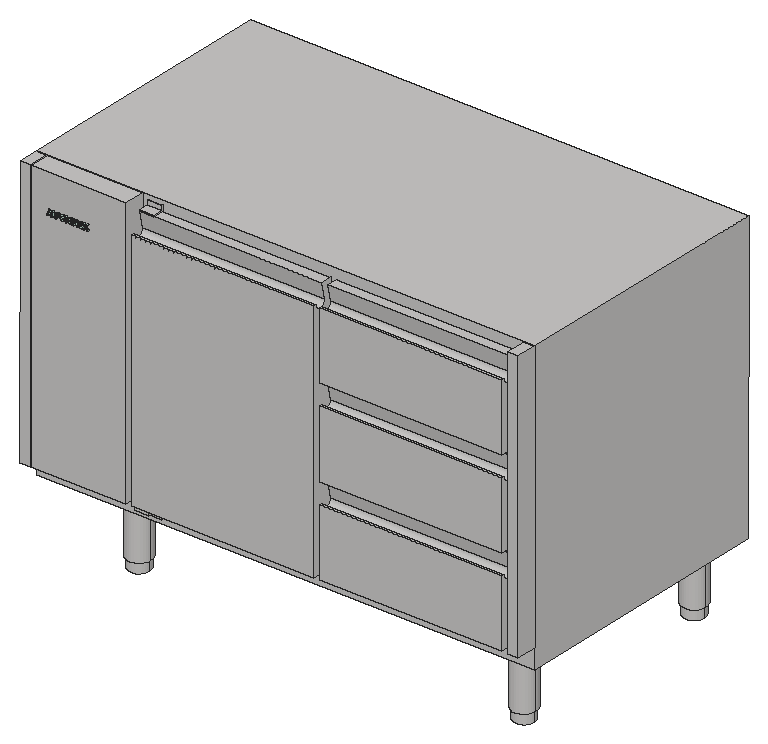
Revit family "QF_ALPENINOX_713346_AHR2RL", category Specialty Equipment, Revit 2014
Parameters
  Manufacturer = ""
  Model = ""
  Description = ""
Reference planes
  plane 1: z = 0
  plane 2 "Center (Left/Right)": x = -124.5
  plane 3 "Center (Front/Back)": y = 64.5
  plane 4 "FEET": z = 150
  plane 5 "TOP": z = 900
  plane 6 "PLAIN": z = 850
  plane 7 "EI_back": y = -116
  plane 8 "EI_left": x = -598
  plane 9 "BACK": y = 412
  plane 10 "FRONT": y = -283
  plane 11 "DOOR": y = -233
  plane 12 "LEFT": x = -726
  plane 13 "RIGHT": x = 477
  plane 14: x = -701
  plane 15: x = 452
  plane 16 "RO_left": x = -645
  plane 17 "RI_left": x = -620
  plane 18 "RO_back": y = 39
  plane 19 "RI_back": y = 39
  plane 20 "DRAINleft": x = -660
  plane 21 "DRAINback": y = 164
Forms (mm)
  Extrusion 1, solid, material "QF_Finishes_Stainless Steel"
    sketch origin (-1022.223, -1524, 150) x (-1, 0, 0) y (0, -1, 0)
      loop
        circle (-424.223, -1408) r 5
    from 0 to -40
  Extrusion 2, solid, material "QF_Finishes_Stainless Steel"
    sketch origin (-1022.223, -1524, 150) x (-1, 0, 0) y (0, -1, 0)
      loop
        line (-1474.223, -1291) -> (-1474.223, -1241) -> (-1499.223, -1241) -> (-1499.223, -1291) -> (-1474.223, -1291)
    from 48 to 700
  Extrusion 3, solid, material "QF_Finishes_Stainless Steel"
    sketch origin (-1022.223, -1524, 150) x (-1, 0, 0) y (0, -1, 0)
      loop
        circle (-377.223, -1563) r 4.25
    from 0 to -20
  Extrusion 4, solid, material "QF_Finishes_Stainless Steel"
    sketch origin (-1022.223, -1524, 150) x (-1, 0, 0) y (0, -1, 0)
      loop
        circle (-402.223, -1563) r 4
    from 0 to -20
  Extrusion 5, solid, material "QF_Finishes_Stainless Steel"
    sketch origin (-1022.223, -1524, 150) x (-1, 0, 0) y (0, -1, 0)
      loop
        circle (-362.223, -1688) r 8.5
    from 0 to -40
  Extrusion 6, solid, material "QF_Finishes_Stainless Steel"
    sketch origin (-1022.223, -1524, 150) x (-1, 0, 0) y (0, -1, 0)
      loop
        line (-296.223, -1936) -> (-296.223, -1291) -> (-1499.223, -1291) -> (-1499.223, -1936) -> (-296.223, -1936)
    from 0 to 700
  Extrusion 7, solid, material "QF_Finishes_Stainless Steel"
    sketch origin (773.223, -1524, 150) x (1, 0, 0) y (0, 1, 0)
      loop
        line (-1474.223, 1291) -> (-1499.223, 1291) -> (-1499.223, 1241) -> (-1474.223, 1241) -> (-1474.223, 1291)
    from 48 to 700
Lines and regions (mm)
  symbolic lines, style "SpecialityEquipmentHiddenLines"
    curve 1: line (-726, 412, 150) -> (477, 412, 150)
    curve 2: line (-726, -283, 150) -> (-726, 412, 150)
    curve 3: line (477, -283, 150) -> (-726, -283, 150)
    curve 4: line (477, 412, 150) -> (477, -283, 150)
    curve 5: line (-726, -233, 150) -> (477, -233, 150)
    curve 6: line (452, -233, 150) -> (452, -283, 150)
    curve 7: line (-701, -233, 150) -> (-701, -283, 150)
Dimensions and locks
  plane 4 "FEET" to level = 150 mm
  plane 11 "DOOR" to plane 10 "FRONT" = 50 mm
  plane 6 "PLAIN" to plane 4 "FEET" = 700 mm
  plane 5 "TOP" to plane 6 "PLAIN" = 50 mm
  plane 12 "LEFT" to plane 14 = 25 mm
  plane 15 to plane 13 "RIGHT" = 25 mm
  plane 9 "BACK" to plane 18 "RO_back" = 373 mm
  plane 9 "BACK" to plane 7 "EI_back" = 528 mm
  plane 9 "BACK" to plane 19 "RI_back" = 373 mm
  plane 9 "BACK" to plane 21 "DRAINback" = 248 mm
  plane 12 "LEFT" to plane 20 "DRAINleft" = 66 mm
  plane 12 "LEFT" to plane 8 "EI_left" = 128 mm
  plane 12 "LEFT" to plane 17 "RI_left" = 106 mm
  plane 12 "LEFT" to plane 16 "RO_left" = 81 mm
  plane 9 "BACK" to plane 10 "FRONT" = 695 mm
  equal spacing: plane 9 "BACK", plane 3 "Center (Front/Back)", plane 10 "FRONT"
  plane 12 "LEFT" to plane 13 "RIGHT" = 1203 mm
  equal spacing: plane 12 "LEFT", plane 2 "Center (Left/Right)", plane 13 "RIGHT"
  aligned and locked: level to plane 1
Automatic sketch dimensions
  Extrusion 1 sketch curve to plane 7 "EI_back" = 0 mm
  Extrusion 1 sketch curve to plane 8 "EI_left" = 0 mm
  Extrusion 2 sketch curve to plane 11 "DOOR" = 0 mm
  Extrusion 2 sketch curve to plane 13 "RIGHT" = 0 mm
  Extrusion 2 sketch curve to plane 10 "FRONT" = 0 mm
  Extrusion 2 sketch curve to plane 15 = 0 mm
  Extrusion 3 sketch curve to plane 16 "RO_left" = 0 mm
  Extrusion 3 sketch curve to plane 18 "RO_back" = 0 mm
  Extrusion 5 sketch curve to plane 20 "DRAINleft" = 0 mm
  Extrusion 5 sketch curve to plane 21 "DRAINback" = 0 mm
  Extrusion 6 sketch curve to plane 9 "BACK" = 0 mm
  Extrusion 6 sketch curve to plane 13 "RIGHT" = 0 mm
  Extrusion 6 sketch curve to plane 11 "DOOR" = 0 mm
  Extrusion 6 sketch curve to plane 12 "LEFT" = 0 mm
  curve 4 to plane 10 "FRONT" = 0 mm
  curve 4 to plane 13 "RIGHT" = 0 mm
  curve 6 to plane 11 "DOOR" = 0 mm
  curve 6 to plane 15 = 0 mm
  curve 7 to plane 14 = 0 mm
  curve 3 to plane 12 "LEFT" = 0 mm
  curve 1 to plane 9 "BACK" = 0 mm
  Extrusion 7 sketch curve to plane 11 "DOOR" = 0 mm
  Extrusion 7 sketch curve to plane 12 "LEFT" = 0 mm
  Extrusion 7 sketch curve to plane 10 "FRONT" = 0 mm
  Extrusion 7 sketch curve to plane 14 = 0 mm
  Extrusion 4 sketch curve to plane 17 "RI_left" = 0 mm
  Extrusion 4 sketch curve to plane 19 "RI_back" = 0 mm
  radius of Extrusion 1 sketch curve = 5 mm
  radius of Extrusion 3 sketch curve = 4.25 mm
  radius of Extrusion 5 sketch curve = 8.5 mm
  radius of Extrusion 4 sketch curve = 4 mm
Nested families
  nested 1: "HPP_Refrigerator" at (477, -283, 0), type "HPP_Refrigerator"
  nested 2: "HPP_FEET" at (-519, 331, 0), type "HPP_FEET"
  nested 3: "HPP_FEET" at (411, 331, 0), type "HPP_FEET"
  nested 4: "HPP_FEET" at (-519, -183, 0), type "HPP_FEET"
  nested 5: "HPP_FEET" at (411, -183, 0), type "HPP_FEET"
  nested 6: "HPP_APX_REM_TN_L" at (-506.58, -233, 598) x (1, 0, 0) z (0, -1, 0), type "HPP_APX_REM_TN_L"
    with Show Logo yes
  nested 7: "HPP_APX_SD_L" at (-236, -233, 512) x (1, 0, 0) z (0, -1, 0), type "HPP_APX_SD_L"
    with Show Clearance yes
  nested 8: "HPP_APX_THIRD" at (218, -233, 512) x (1, 0, 0) z (0, -1, 0), type "HPP_APX_THIRD"
    with Show Clearance yes
Connectors
  electrical at (-598, -116, 110)
    settings: on Extrusion 1, index 1, voltage 0 V, apparent load 0 VA, apparent load phase1 0 VA, apparent load phase2 0 VA, apparent load phase3 0 VA, power factor 1, load classification "Other", number of poles 1, system type 31, power factor state 1, is connector primary yes, connector utility no, sub classification motor no, connector description "Electrical Connection"
  piping at (-645, 39, 130), diameter 9.5
    settings: on Extrusion 3, index 3, connector inside diameter 609.6 mm, connector length 0 mm, flow factor 0, pipe flow 0.0 L/s, pressure drop 0.0 Pa, fitting loss kfactor 0, connector angle 0.00°, fixture units 0, engagement length 0 mm, angle of deflection 0.00°, flow configuration 1, flow direction 2, fitting loss method 0, system type 8, joint type 0, gender type 0, connector reference index -1, connector utility 0, adjustable connector no, is connector primary yes, connector description "Refrigerant Outlet"
  piping at (-620, 39, 130), diameter 8
    settings: on Extrusion 4, index 4, connector inside diameter 609.6 mm, connector length 0 mm, flow factor 0, pipe flow 0.0 L/s, pressure drop 0.0 Pa, fitting loss kfactor 0, connector angle 0.00°, fixture units 0, engagement length 0 mm, angle of deflection 0.00°, flow configuration 1, flow direction 1, fitting loss method 0, system type 7, joint type 0, gender type 0, connector reference index -1, connector utility 0, adjustable connector no, is connector primary no, connector description "Refrigerant Inlet"
  piping at (-660, 164, 110), diameter 17
    settings: on Extrusion 5, index 5, connector inside diameter 609.6 mm, connector length 0 mm, flow factor 0, pipe flow 0.0 L/s, pressure drop 0.0 Pa, fitting loss kfactor 0, connector angle 0.00°, fixture units 0, engagement length 0 mm, angle of deflection 0.00°, flow configuration 1, flow direction 2, fitting loss method 0, system type 16, joint type 0, gender type 0, connector reference index -1, connector utility 0, adjustable connector no, is connector primary no, connector description "Drain"
Definition of nested family "HPP_FEET"
  Parameters (values of type "HPP_FEET")
    FEET = 150 mm
  Reference planes
    plane 1 "Center (Front/Back)": y = 0
    plane 2: z = 0
    plane 3 "Center (Left/Right)": x = 0
    plane 4: z = 150
  Forms (mm)
    Revolve 1, solid, material "QF_Finishes_Stainless Steel"
      sketch origin (255.05, 0, 608.09) x (0, 0, 1) y (-1, 0, 0)
        loop
          line (-608.09, 255.05) -> (-608.09, 230.05) -> (-583.09, 230.05) -> (-583.09, 226.05) -> (-458.09, 226.05) -> (-458.09, 255.05) -> (-608.09, 255.05)
        axis (-608.09, 255.05) -> (-458.09, 255.05)
      angle from 0 to 360
  Dimensions and locks
    locked: Revolve 1 sketch curve to Revolve 1 sketch curve at 125
    "FEET": plane 4 to plane 2
    aligned and locked: level to plane 2
    aligned and locked: plane 4 to Revolve 1 sketch curve
    aligned and locked: Revolve 1 sketch curve to level
    aligned and locked: plane 3 "Center (Left/Right)" to Revolve 1 sketch curve
  Automatic sketch dimensions
    Revolve 1 sketch curve to plane 3 "Center (Left/Right)" = 0 mm
    Revolve 1 sketch curve to Revolve 1 sketch curve = 25 mm
    Revolve 1 sketch curve to Revolve 1 sketch curve = 29 mm
    plane 4 to Revolve 1 sketch curve = 50 mm
    Revolve 1 sketch curve to Revolve 1 sketch curve = 20 mm
Definition of nested family "HPP_APX_REM_TN_L"
  Parameters (values of type "HPP_APX_REM_TN_L")
    Show Logo [instance] = yes
    Default Elevation = 1219.2 mm
  Reference planes
    plane 1 "Center (Front/Back)": y = -74
    plane 2: z = 0
    plane 3 "Center (Left/Right)": x = -78.92
    plane 4: x = -194.42
    plane 5: x = 36.58
    plane 6: y = 252
    plane 7: y = -400
  Forms (mm)
    Extrusion 1, solid
      sketch origin (0, 0, 0) x (1, 0, 0) y (0, 1, 0)
        loop
          line (-1219.2, 1219.2) -> (-1219.2, -1219.2) -> (1219.2, -1219.2) -> (1219.2, 1219.2) -> (-1219.2, 1219.2)
      from 0 to -304.8
    Extrusion 2, solid, material "QF_Finishes_Stainless Steel"
      sketch origin (0, 0, 0) x (1, 0, 0) y (0, 1, 0)
        loop
          line (-194.42, 252) -> (-194.42, -400) -> (36.58, -400) -> (36.58, 252) -> (-194.42, 252)
      from 0 to 50
    Extrusion 3, solid, material "QF_Finishes_Alpeninox_Soft Green"
      sketch origin (18.272, 0.892, 0) x (1, 0, 0) y (0, 1, 0)
        loop
          line (-168.675, 170.349) -> (-172.411, 160.318)
          arc (-172.411, 160.318) -> (-171.624, 158.497) -> (-169.837, 159.36) r 1.374
          line (-169.837, 159.36) -> (-169.268, 161.111) -> (-164.1, 161.111) -> (-163.54, 159.379)
          arc (-163.54, 159.379) -> (-161.802, 158.542) -> (-161.049, 160.318) r 1.333
          line (-161.049, 160.318) -> (-164.694, 170.349)
          arc (-164.694, 170.349) -> (-166.685, 171.876) -> (-168.675, 170.349) r 2.06
        loop
          line (-166.681, 169.055) -> (-168.469, 163.655) -> (-164.935, 163.655) -> (-166.681, 169.055)
        loop
          arc (-159.705, 160.042) -> (-159.262, 158.973) -> (-158.194, 158.531) r 1.512
          line (-158.194, 158.531) -> (-153.608, 158.531)
          arc (-153.608, 158.531) -> (-152.337, 159.802) -> (-153.608, 161.074) r 1.272
          line (-153.608, 161.074) -> (-156.917, 161.074) -> (-156.917, 170.328)
          arc (-156.917, 170.328) -> (-158.311, 171.722) -> (-159.705, 170.328) r 1.394
          line (-159.705, 170.328) -> (-159.705, 160.042)
        loop
          line (-151.076, 170.218) -> (-151.076, 159.859)
          arc (-151.076, 159.859) -> (-149.683, 158.466) -> (-148.29, 159.859) r 1.393
          line (-148.29, 159.859) -> (-148.29, 162.882) -> (-146.225, 162.882)
          arc (-146.225, 162.882) -> (-142.999, 163.859) -> (-141.608, 166.928) r 4.082
          arc (-141.608, 166.928) -> (-142.993, 170.272) -> (-146.336, 171.657) r 4.728
          line (-146.336, 171.657) -> (-149.638, 171.657)
          arc (-149.638, 171.657) -> (-150.655, 171.235) -> (-151.076, 170.218) r 1.439
        loop
          line (-148.29, 165.313) -> (-146.388, 165.313)
          arc (-146.388, 165.313) -> (-144.433, 167.268) -> (-146.388, 169.222) r 1.955
          line (-146.388, 169.222) -> (-148.29, 169.222) -> (-148.29, 165.313)
        loop
          arc (-131.184, 166.332) -> (-132.004, 168.2) -> (-133.767, 169.228) r 3.3
          arc (-133.767, 169.228) -> (-136.353, 168.661) -> (-137.611, 166.332) r 3.176
          line (-137.611, 166.332) -> (-131.184, 166.332)
        loop
          line (-137.538, 163.743) -> (-130.544, 163.743)
          arc (-130.544, 163.743) -> (-129.292, 163.916) -> (-128.301, 164.701) r 2.4
          arc (-128.301, 164.701) -> (-128.155, 165.545) -> (-128.212, 166.399) r 3.635
          arc (-128.212, 166.399) -> (-130.364, 170.162) -> (-134.39, 171.769) r 6.579
          arc (-134.39, 171.769) -> (-138.918, 169.706) -> (-140.661, 165.044) r 6.501
          arc (-140.661, 165.044) -> (-139.276, 160.789) -> (-135.401, 158.549) r 6.252
          arc (-135.401, 158.549) -> (-132.922, 158.526) -> (-130.544, 159.232) r 8.361
          arc (-130.544, 159.232) -> (-129.466, 159.781) -> (-128.641, 160.666) r 3.486
          arc (-128.641, 160.666) -> (-128.419, 161.592) -> (-128.828, 162.451) r 1.425
          arc (-128.828, 162.451) -> (-129.368, 162.762) -> (-129.99, 162.762) r 1.203
          arc (-129.99, 162.762) -> (-130.406, 162.59) -> (-130.764, 162.316) r 1.724
          arc (-130.764, 162.316) -> (-131.666, 161.705) -> (-132.646, 161.229) r 7.6
          arc (-132.646, 161.229) -> (-135.676, 161.35) -> (-137.538, 163.743) r 3.6
        loop
          line (-126.669, 170.328) -> (-126.669, 159.859)
          arc (-126.669, 159.859) -> (-125.273, 158.463) -> (-123.878, 159.859) r 1.396
          line (-123.878, 159.859) -> (-123.878, 166.785) -> (-117.946, 159.029)
          arc (-117.946, 159.029) -> (-116.361, 158.51) -> (-115.379, 159.859) r 1.417
          line (-115.379, 159.859) -> (-115.379, 170.328)
          arc (-115.379, 170.328) -> (-116.774, 171.723) -> (-118.169, 170.328) r 1.395
          line (-118.169, 170.328) -> (-118.169, 163.311) -> (-124.101, 171.157)
          arc (-124.101, 171.157) -> (-125.687, 171.678) -> (-126.669, 170.328) r 1.418
        loop
          arc (-113.636, 159.859) -> (-112.241, 158.464) -> (-110.847, 159.859) r 1.394
          line (-110.847, 159.859) -> (-110.847, 170.328)
          arc (-110.847, 170.328) -> (-112.241, 171.723) -> (-113.636, 170.328) r 1.394
          line (-113.636, 170.328) -> (-113.636, 159.859)
        loop
          line (-109.102, 170.328) -> (-109.102, 159.859)
          arc (-109.102, 159.859) -> (-107.706, 158.463) -> (-106.31, 159.859) r 1.396
          line (-106.31, 159.859) -> (-106.31, 166.785) -> (-100.378, 159.029)
          arc (-100.378, 159.029) -> (-98.793, 158.51) -> (-97.812, 159.859) r 1.417
          line (-97.812, 159.859) -> (-97.812, 170.328)
          arc (-97.812, 170.328) -> (-99.207, 171.723) -> (-100.602, 170.328) r 1.395
          line (-100.602, 170.328) -> (-100.602, 163.311) -> (-106.533, 171.157)
          arc (-106.533, 171.157) -> (-108.119, 171.678) -> (-109.102, 170.328) r 1.418
        loop
          arc (-96.345, 165.093) -> (-95.619, 161.877) -> (-93.467, 159.379) r 6.806
          arc (-93.467, 159.379) -> (-91.792, 158.566) -> (-89.948, 158.31) r 5.956
          arc (-89.948, 158.31) -> (-88.104, 158.566) -> (-86.43, 159.379) r 5.956
          arc (-86.43, 159.379) -> (-84.277, 161.877) -> (-83.551, 165.093) r 6.806
          arc (-83.551, 165.093) -> (-84.277, 168.31) -> (-86.43, 170.808) r 6.806
          arc (-86.43, 170.808) -> (-88.104, 171.621) -> (-89.948, 171.877) r 5.956
          arc (-89.948, 171.877) -> (-91.792, 171.621) -> (-93.467, 170.808) r 5.956
          arc (-93.467, 170.808) -> (-95.619, 168.31) -> (-96.345, 165.093) r 6.806
        loop
          arc (-93.425, 165.093) -> (-93.138, 163.212) -> (-92.081, 161.629) r 4.387
          arc (-92.081, 161.629) -> (-91.087, 161.049) -> (-89.948, 160.881) r 3.035
          arc (-89.948, 160.881) -> (-88.809, 161.049) -> (-87.815, 161.629) r 3.035
          arc (-87.815, 161.629) -> (-86.759, 163.212) -> (-86.472, 165.093) r 4.387
          arc (-86.472, 165.093) -> (-86.759, 166.975) -> (-87.815, 168.558) r 4.387
          arc (-87.815, 168.558) -> (-88.809, 169.138) -> (-89.948, 169.306) r 3.035
          arc (-89.948, 169.306) -> (-91.087, 169.138) -> (-92.081, 168.558) r 3.035
          arc (-92.081, 168.558) -> (-93.138, 166.975) -> (-93.425, 165.093) r 4.387
        loop
          line (-82.843, 169.609) -> (-79.829, 165.552) -> (-83.513, 160.652)
          arc (-83.513, 160.652) -> (-83.216, 158.692) -> (-81.262, 159.029) r 1.388
          line (-81.262, 159.029) -> (-78.213, 163.232) -> (-75.164, 159.029)
          arc (-75.164, 159.029) -> (-73.211, 158.692) -> (-72.913, 160.652) r 1.388
          line (-72.913, 160.652) -> (-76.597, 165.552) -> (-73.584, 169.609)
          arc (-73.584, 169.609) -> (-73.952, 171.597) -> (-75.908, 171.084) r 1.38
          line (-75.908, 171.084) -> (-78.213, 167.841) -> (-80.519, 171.084)
          arc (-80.519, 171.084) -> (-82.474, 171.597) -> (-82.843, 169.609) r 1.38
      from 50 to 51.6
  Lines and regions (mm)
    Split face 1
      outline origin (0, 0, 50) x (1, 0, 0) y (0, 1, 0)
        loop
          line (36.58, 183) -> (-147.92, 183)
          arc (-147.92, 183) -> (-165.42, 165.5) -> (-147.92, 148) r 17.5
          line (-147.92, 148) -> (36.58, 148)
    Split face 2
      outline origin (12.5, 0, 50) x (1, 0, 0) y (0, 1, 0)
        loop
          line (-55.92, 177) -> (-55.92, 154) -> (14.08, 154) -> (14.08, 177) -> (-55.92, 177)
    Split face 3
      outline origin (12.5, 0, 50) x (1, 0, 0) y (0, 1, 0)
        loop
          line (-5.92, 174) -> (-5.92, 157) -> (11.08, 157) -> (11.08, 174) -> (-5.92, 174)
    Split face 4
      outline origin (0, 0, 50) x (1, 0, 0) y (0, 1, 0)
        loop
          line (-194.42, 188) -> (36.58, 188)
        loop
          line (-194.42, 143) -> (36.58, 143)
    symbolic lines, style "SpecialityEquipmentHiddenLines"
      curve 1: line (36.58, -74, 50) -> (36.58, -74, 0)
      curve 2: line (-194.42, -74, 50) -> (-194.42, -74, 0)
  Dimensions and locks
    equal spacing: plane 6, plane 1 "Center (Front/Back)", plane 7
    plane 4 to plane 5 = 231 mm
    equal spacing: plane 4, plane 3 "Center (Left/Right)", plane 5
    plane 6 to plane 7 = 652 mm
    aligned and locked: plane 2 to Extrusion 1
    aligned and locked: level to Extrusion 1
  Automatic sketch dimensions
    Extrusion 1 sketch curve to Extrusion 1 sketch curve = 2438.4 mm  (x2)
    Extrusion 2 sketch curve to plane 4 = 0 mm
    Extrusion 2 sketch curve to plane 5 = 0 mm
    Extrusion 2 sketch curve to plane 7 = 0 mm
    Extrusion 2 sketch curve to plane 6 = 0 mm
    Split face 1 sketch curve to Extrusion 2 = 0 mm  (x2)
    Split face 1 sketch curve to Extrusion 2 = 46.5 mm
    Split face 1 sketch curve to Extrusion 2 = 86.5 mm
    Split face 1 sketch curve to Split face 1 sketch curve = 17.5 mm
    Split face 2 sketch curve to Extrusion 2 = 80 mm
    Split face 2 sketch curve to Extrusion 2 = 10 mm
    Split face 2 sketch curve to Extrusion 2 = 98 mm
    Split face 2 sketch curve to Split face 2 sketch curve = 23 mm
    Split face 3 sketch curve to Extrusion 2 = 30 mm
    Split face 3 sketch curve to Split face 3 sketch curve = 17 mm  (x2)
    Split face 3 sketch curve to Extrusion 2 = 95 mm
    plane 4 to Extrusion 3 sketch curve = 40.282 mm
    Extrusion 3 sketch curve to Extrusion 3 sketch curve = 1.266 mm
    Extrusion 3 sketch curve to Extrusion 3 sketch curve = 1.307 mm
    Extrusion 3 sketch curve to Extrusion 3 sketch curve = 0.57 mm
    Extrusion 3 sketch curve to Extrusion 3 sketch curve = 0.593 mm
    Extrusion 3 sketch curve to Extrusion 3 sketch curve = 0.799 mm
    Extrusion 3 sketch curve to Extrusion 3 sketch curve = 1.99 mm  (x2)
    Extrusion 3 sketch curve to Extrusion 3 sketch curve = 0.003 mm
    Extrusion 3 sketch curve to Extrusion 3 sketch curve = 3.534 mm
    Extrusion 3 sketch curve to Extrusion 3 sketch curve = 0.835 mm
    Extrusion 3 sketch curve to Extrusion 3 sketch curve = 0.56 mm
    Extrusion 3 sketch curve to Extrusion 3 sketch curve = 1.268 mm
    Extrusion 3 sketch curve to Extrusion 3 sketch curve = 1.223 mm
    Extrusion 3 sketch curve to Extrusion 3 sketch curve = 1.344 mm
    Extrusion 3 sketch curve to Extrusion 3 sketch curve = 1.394 mm  (x2)
    Extrusion 3 sketch curve to Extrusion 3 sketch curve = 1.512 mm
    Extrusion 3 sketch curve to Extrusion 3 sketch curve = 3.309 mm
    Extrusion 3 sketch curve to Extrusion 3 sketch curve = 5.841 mm
    Extrusion 3 sketch curve to Extrusion 3 sketch curve = 1.393 mm
    Extrusion 3 sketch curve to Extrusion 3 sketch curve = 1.439 mm
    Extrusion 3 sketch curve to Extrusion 3 sketch curve = 0 mm  (x18)
    Extrusion 3 sketch curve to Extrusion 3 sketch curve = 1.902 mm
    Extrusion 3 sketch curve to Extrusion 3 sketch curve = 0.052 mm
    Extrusion 3 sketch curve to Extrusion 3 sketch curve = 2.065 mm
    Extrusion 3 sketch curve to Extrusion 3 sketch curve = 0.647 mm
    Extrusion 3 sketch curve to Extrusion 3 sketch curve = 8.079 mm
    Extrusion 3 sketch curve to Extrusion 3 sketch curve = 0.073 mm
    Extrusion 3 sketch curve to Extrusion 3 sketch curve = 2.145 mm
    Extrusion 3 sketch curve to Extrusion 3 sketch curve = 2.931 mm
    Extrusion 3 sketch curve to Extrusion 3 sketch curve = 0.213 mm
    Extrusion 3 sketch curve to Extrusion 3 sketch curve = 0.026 mm
    Extrusion 3 sketch curve to Extrusion 3 sketch curve = 0.263 mm
    Extrusion 3 sketch curve to Extrusion 3 sketch curve = 0.516 mm
    Extrusion 3 sketch curve to Extrusion 3 sketch curve = 0.356 mm
    Extrusion 3 sketch curve to Extrusion 3 sketch curve = 0.387 mm
    Extrusion 3 sketch curve to Extrusion 3 sketch curve = 2.378 mm
    Extrusion 3 sketch curve to Extrusion 3 sketch curve = 2.466 mm
    Extrusion 3 sketch curve to Extrusion 3 sketch curve = 0.602 mm
    Extrusion 3 sketch curve to Extrusion 3 sketch curve = 1.02 mm
    Extrusion 3 sketch curve to Extrusion 3 sketch curve = 0.949 mm
    Extrusion 3 sketch curve to Extrusion 3 sketch curve = 1.728 mm
    Extrusion 3 sketch curve to Extrusion 3 sketch curve = 0.157 mm  (x2)
    Extrusion 3 sketch curve to Extrusion 3 sketch curve = 0.292 mm
    Extrusion 3 sketch curve to Extrusion 3 sketch curve = 3.565 mm
    Extrusion 3 sketch curve to Extrusion 3 sketch curve = 1.396 mm  (x2)
    Extrusion 3 sketch curve to Extrusion 3 sketch curve = 1.418 mm  (x2)
    Extrusion 3 sketch curve to Extrusion 3 sketch curve = 1.151 mm  (x2)
    Extrusion 3 sketch curve to Extrusion 3 sketch curve = 5.709 mm  (x2)
    Extrusion 3 sketch curve to Extrusion 3 sketch curve = 0.224 mm  (x2)
    Extrusion 3 sketch curve to Extrusion 3 sketch curve = 1.149 mm  (x2)
    Extrusion 3 sketch curve to Extrusion 3 sketch curve = 1.395 mm  (x2)
    Extrusion 3 sketch curve to Extrusion 3 sketch curve = 1.744 mm
    Extrusion 3 sketch curve to Extrusion 3 sketch curve = 1.745 mm
    plane 3 "Center (Left/Right)" to Extrusion 3 sketch curve = 6.343 mm
    Extrusion 3 sketch curve to Extrusion 3 sketch curve = 0.493 mm  (x3)
    Extrusion 3 sketch curve to Extrusion 3 sketch curve = 0.273 mm  (x2)
    Extrusion 3 sketch curve to Extrusion 3 sketch curve = 0.021 mm  (x2)
    Extrusion 3 sketch curve to Extrusion 3 sketch curve = 0.226 mm  (x2)
    Extrusion 3 sketch curve to Extrusion 3 sketch curve = 0.268 mm  (x2)
    Extrusion 3 sketch curve to Extrusion 3 sketch curve = 0.294 mm
    Extrusion 3 sketch curve to Extrusion 3 sketch curve = 5.534 mm
    Extrusion 3 sketch curve to Extrusion 3 sketch curve = 6.205 mm
    Extrusion 3 sketch curve to Extrusion 3 sketch curve = 1.109 mm  (x2)
    Extrusion 3 sketch curve to Extrusion 3 sketch curve = 1.108 mm  (x2)
    Extrusion 3 sketch curve to Extrusion 3 sketch curve = 1.142 mm  (x2)
    Extrusion 3 sketch curve to Extrusion 3 sketch curve = 1.216 mm  (x2)
    Extrusion 3 sketch curve to Extrusion 3 sketch curve = 3.013 mm
    Extrusion 3 sketch curve to Extrusion 3 sketch curve = 1.616 mm  (x3)
    Extrusion 3 sketch curve to Extrusion 3 sketch curve = 2.305 mm
    Extrusion 3 sketch curve to Extrusion 3 sketch curve = 3.049 mm
    Extrusion 3 sketch curve to plane 6 = 92.577 mm
    Extrusion 3 sketch curve to Extrusion 3 sketch curve = 0.498 mm
    Extrusion 3 sketch curve to Extrusion 3 sketch curve = 0.682 mm
    Extrusion 3 sketch curve to Extrusion 3 sketch curve = 0.664 mm
    Extrusion 3 sketch curve to Extrusion 3 sketch curve = 0.425 mm
    Extrusion 3 sketch curve to Extrusion 3 sketch curve = 0.41 mm
    Extrusion 3 sketch curve to Extrusion 3 sketch curve = 1.272 mm
    Extrusion 3 sketch curve to Extrusion 3 sketch curve = 0.789 mm  (x2)
    Extrusion 3 sketch curve to Extrusion 3 sketch curve = 0.056 mm
    Extrusion 3 sketch curve to Extrusion 3 sketch curve = 0.83 mm
    Extrusion 3 sketch curve to Extrusion 3 sketch curve = 1.238 mm
    Extrusion 3 sketch curve to Extrusion 3 sketch curve = 1.732 mm
    Extrusion 3 sketch curve to Extrusion 3 sketch curve = 0.346 mm
    Extrusion 3 sketch curve to Extrusion 3 sketch curve = 1.123 mm
    Extrusion 3 sketch curve to Extrusion 3 sketch curve = 3.023 mm
    Extrusion 3 sketch curve to Extrusion 3 sketch curve = 4.203 mm
    Extrusion 3 sketch curve to Extrusion 3 sketch curve = 3.452 mm  (x2)
    Extrusion 3 sketch curve to Extrusion 3 sketch curve = 2.544 mm
    Extrusion 3 sketch curve to Extrusion 3 sketch curve = 1.177 mm
    Extrusion 3 sketch curve to Extrusion 3 sketch curve = 3.261 mm
    Extrusion 3 sketch curve to Extrusion 3 sketch curve = 0.352 mm  (x2)
    Extrusion 3 sketch curve to Extrusion 3 sketch curve = 1.987 mm
    Extrusion 3 sketch curve to Extrusion 3 sketch curve = 0.171 mm
    Extrusion 3 sketch curve to Extrusion 3 sketch curve = 0.533 mm  (x3)
    Extrusion 3 sketch curve to Extrusion 3 sketch curve = 0.14 mm  (x4)
    Extrusion 3 sketch curve to Extrusion 3 sketch curve = 0.473 mm
    Extrusion 3 sketch curve to Extrusion 3 sketch curve = 0.31 mm  (x2)
    Extrusion 3 sketch curve to Extrusion 3 sketch curve = 0.075 mm
    Extrusion 3 sketch curve to Extrusion 3 sketch curve = 2.431 mm
    Extrusion 3 sketch curve to Extrusion 3 sketch curve = 2.32 mm  (x2)
    Extrusion 3 sketch curve to Extrusion 3 sketch curve = 1.992 mm
    Extrusion 3 sketch curve to Extrusion 3 sketch curve = 0.674 mm
    Extrusion 3 sketch curve to Extrusion 3 sketch curve = 0.732 mm
    Extrusion 3 sketch curve to Extrusion 3 sketch curve = 0.388 mm
    Extrusion 3 sketch curve to Extrusion 3 sketch curve = 0.121 mm
    Extrusion 3 sketch curve to Extrusion 3 sketch curve = 2.589 mm
    Extrusion 3 sketch curve to Extrusion 3 sketch curve = 0.662 mm
    Extrusion 3 sketch curve to Extrusion 3 sketch curve = 3.473 mm
    Extrusion 3 sketch curve to Extrusion 3 sketch curve = 0.681 mm
    Extrusion 3 sketch curve to Extrusion 3 sketch curve = 1.615 mm
    Extrusion 3 sketch curve to Extrusion 3 sketch curve = 0.34 mm
    Extrusion 3 sketch curve to Extrusion 3 sketch curve = 2.288 mm
    Extrusion 3 sketch curve to Extrusion 3 sketch curve = 0.942 mm
    Extrusion 3 sketch curve to Extrusion 3 sketch curve = 5.4 mm
    Extrusion 3 sketch curve to Extrusion 3 sketch curve = 1.768 mm  (x2)
    Extrusion 3 sketch curve to Extrusion 3 sketch curve = 0.761 mm
    Extrusion 3 sketch curve to Extrusion 3 sketch curve = 0.996 mm
    Extrusion 3 sketch curve to Extrusion 3 sketch curve = 3.543 mm  (x2)
    Extrusion 3 sketch curve to Extrusion 3 sketch curve = 7.017 mm
    Extrusion 3 sketch curve to Extrusion 3 sketch curve = 0.11 mm
    Extrusion 3 sketch curve to Extrusion 3 sketch curve = 0.823 mm  (x2)
    Extrusion 3 sketch curve to Extrusion 3 sketch curve = 0.947 mm
    Extrusion 3 sketch curve to Extrusion 3 sketch curve = 3.837 mm
    Extrusion 3 sketch curve to Extrusion 3 sketch curve = 0.623 mm
    Extrusion 3 sketch curve to Extrusion 3 sketch curve = 1.082 mm
    Extrusion 3 sketch curve to Extrusion 3 sketch curve = 0.801 mm
    Extrusion 3 sketch curve to Extrusion 3 sketch curve = 1 mm
    Extrusion 3 sketch curve to Extrusion 3 sketch curve = 0.089 mm
    plane 3 "Center (Left/Right)" to Extrusion 3 sketch curve = 0.847 mm
    plane 3 "Center (Left/Right)" to Extrusion 3 sketch curve = 3.726 mm  (x2)
    plane 3 "Center (Left/Right)" to Extrusion 3 sketch curve = 3.767 mm
    plane 3 "Center (Left/Right)" to Extrusion 3 sketch curve = 5.111 mm  (x2)
    plane 3 "Center (Left/Right)" to Extrusion 3 sketch curve = 7.244 mm  (x4)
    Extrusion 3 sketch curve to Extrusion 3 sketch curve = 2.133 mm  (x2)
    Extrusion 3 sketch curve to Extrusion 3 sketch curve = 1.385 mm  (x2)
    Extrusion 3 sketch curve to Extrusion 3 sketch curve = 5.603 mm
    Extrusion 3 sketch curve to Extrusion 3 sketch curve = 2.571 mm
    Split face 4 sketch curve to Extrusion 2 = 0 mm  (x4)
    Split face 4 sketch curve to Extrusion 2 = 109 mm
    Split face 4 sketch curve to Split face 4 sketch curve = 45 mm
    curve 2 to plane 4 = 0 mm
    curve 1 to level = 0 mm
    curve 1 to plane 5 = 0 mm
    curve 2 to level = 0 mm
    level to curve 2 = 50 mm
    level to curve 1 = 50 mm
Definition of nested family "HPP_APX_SD_L"
  Parameters (values of type "HPP_APX_SD_L")
    Show Clearance [instance] = yes
    Default Elevation = 1219.2 mm
  Reference planes
    plane 1 "Center (Front/Back)": y = 0
    plane 2: z = 0
    plane 3 "Center (Left/Right)": x = 0
    plane 4: x = -234
    plane 5: x = 234
  Forms (mm)
    Extrusion 1, solid
      sketch origin (0, 0, 0) x (1, 0, 0) y (0, 1, 0)
        loop
          line (-1219.2, 1219.2) -> (-1219.2, -1219.2) -> (1219.2, -1219.2) -> (1219.2, 1219.2) -> (-1219.2, 1219.2)
      from 0 to -304.8
    Extrusion 2, solid, material "QF_Finishes_Stainless Steel"
      sketch origin (0, 0, -3) x (0, 1, 0) y (0, 0, 1)
        loop
          line (-314, 53) -> (-314, 3) -> (314, 3) -> (314, 29) -> (274.395, 20)
          arc (274.395, 20) -> (260.396, 33.803) -> (274, 47.994) r 14
          line (274, 47.994) -> (274, 53) -> (-314, 53)
      from -220 to 220
    Extrusion 3, solid, material "QF_Finishes_Stainless Steel"
      sketch origin (0, 0, 0) x (0, 1, 0) y (0, 0, -1)
        loop
          line (-323.003, -40.312) -> (-323.003, -12.259) -> (-323.003, 0) -> (-351.511, 0) -> (-351.511, -2.5) -> (-325.503, -2.5) -> (-325.503, -42.812) -> (-316.501, -42.812) -> (-316.501, -40.312) -> (-323.003, -40.312)
        loop
          line (-314, -38.311) -> (-314, -11.804) -> (-319.752, -11.804) -> (-319.752, -14.304) -> (-316.501, -14.304) -> (-316.501, -38.311) -> (-314, -38.311)
        loop
          line (315.003, -27.948) -> (317.503, -27.948) -> (317.503, -2.5) -> (327.503, -2.5) -> (327.503, 0) -> (315.003, 0) -> (315.003, -2.948) -> (315.003, -27.948)
      from 185 to 220
    Extrusion 4, solid, material "QF_Door-Drawer Clearances", visible <- "Show Clearance", detail levels coarse
      sketch origin (0, 0, -3) x (-1, 0, 0) y (0, 0, -1)
        loop
          line (220, -53) -> (-220, -53)
          arc (-220, -53) -> (-79.636, -340.04) -> (220, -451) r 430
          line (220, -451) -> (220, -53)
      from -314 to 314
  Lines and regions (mm)
    symbolic lines, style "QF_Door-Drawer Clearances"
      curve 1: arc (219.599, 0, 55) -> (95.934, 0, 321.503) -> (-170, 0, 446.39) r 430
      curve 2: line (-220, 0, 55) -> (-220, 0, 448)
      curve 3: line (-170, 0, 55) -> (-170, 0, 448)
      curve 4: line (-220, 0, 448) -> (-170, 0, 448)
  Dimensions and locks
    plane 4 to plane 3 "Center (Left/Right)" to plane 5 = 234 mm locked, 234 mm locked
    aligned and locked: plane 2 to Extrusion 1
    aligned and locked: level to Extrusion 1
Definition of nested family "HPP_APX_THIRD"
  Parameters (values of type "HPP_APX_THIRD")
    Show Clearance [instance] = yes
    Default Elevation = 1219.2 mm
  Reference planes
    plane 1 "Center (Front/Back)": y = 0
    plane 2: z = 0
    plane 3 "Center (Left/Right)": x = 0
    plane 4: x = -234
    plane 5: x = 234
    plane 6: z = 618
  Forms (mm)
    Extrusion 1, solid
      sketch origin (0, 0, 0) x (1, 0, 0) y (0, 1, 0)
        loop
          line (-1219.2, 1219.2) -> (-1219.2, -1219.2) -> (1219.2, -1219.2) -> (1219.2, 1219.2) -> (-1219.2, 1219.2)
      from 0 to -304.8
    Extrusion 2, solid, material "QF_Finishes_Stainless Steel"
      sketch origin (0, 0, 0) x (0, 1, 0) y (0, 0, 1)
        loop
          line (314, 0) -> (314, 26) -> (274.395, 17)
          arc (274.395, 17) -> (260.395, 31) -> (274.395, 45) r 14
          line (274.395, 45) -> (274.395, 50) -> (111.333, 50) -> (111.333, 0) -> (314, 0)
        loop
          line (-111.333, 0) -> (-111.333, 26) -> (-150.939, 17)
          arc (-150.939, 17) -> (-164.939, 31) -> (-150.939, 45) r 14
          line (-150.939, 45) -> (-150.939, 50) -> (-314, 50) -> (-314, 0) -> (-111.333, 0)
        loop
          line (101.333, 0) -> (101.333, 26) -> (61.728, 17)
          arc (61.728, 17) -> (47.728, 31) -> (61.728, 45) r 14
          line (61.728, 45) -> (61.728, 50) -> (-101.333, 50) -> (-101.333, 0) -> (101.333, 0)
      from -220 to 220
    Extrusion 3, solid, material "QF_Door-Drawer Clearances", visible <- "Show Clearance", detail levels coarse
      sketch origin (0, 0, 512) x (0, 1, 0) y (0, 0, 1)
        loop
          line (-314, 106) -> (-314, -462) -> (-111.333, -462) -> (-111.333, 82) -> (-150.939, 73)
          arc (-150.939, 73) -> (-164.939, 87) -> (-150.939, 101) r 14
          line (-150.939, 101) -> (-150.939, 106) -> (-314, 106)
        loop
          line (-101.333, 106) -> (-101.333, -462) -> (101.333, -462) -> (101.333, 82) -> (61.728, 73)
          arc (61.728, 73) -> (47.728, 87) -> (61.728, 101) r 14
          line (61.728, 101) -> (61.728, 106) -> (-101.333, 106)
        loop
          line (111.333, 106) -> (111.333, -462) -> (314, -462) -> (314, 82) -> (274.395, 73)
          arc (274.395, 73) -> (260.395, 87) -> (274.395, 101) r 14
          line (274.395, 101) -> (274.395, 106) -> (111.333, 106)
      from -220 to 220
  Lines and regions (mm)
    symbolic lines, style "QF_Door-Drawer Clearances"
      curve 1: line (220, 0, 140) -> (-220, 0, 140)
      curve 2: line (220, 0, 175) -> (-220, 0, 175)
      curve 3: line (220, 0, 260) -> (-220, 0, 260)
      curve 4: line (220, 0, 295) -> (-220, 0, 295)
      curve 5: line (220, 0, 380) -> (-220, 0, 380)
      curve 6: line (220, 0, 415) -> (-220, 0, 415)
      curve 7: line (220, 0, 415) -> (220, 0, 380)
      curve 8: line (-220, 0, 415) -> (-220, 0, 380)
      curve 9: line (-220, 0, 295) -> (-220, 0, 260)
      curve 10: line (220, 0, 295) -> (220, 0, 260)
      curve 11: line (220, 0, 175) -> (220, 0, 140)
      curve 12: line (-220, 0, 175) -> (-220, 0, 140)
      curve 13: line (190, 0, 295) -> (190, 0, 380)
      curve 14: line (-190, 0, 295) -> (-190, 0, 380)
      curve 15: line (190, 0, 175) -> (190, 0, 260)
      curve 16: line (-190, 0, 175) -> (-190, 0, 260)
      curve 17: line (190, 0, 55) -> (190, 0, 140)
      curve 18: line (-190, 0, 55) -> (-190, 0, 140)
  Dimensions and locks
    plane 4 to plane 3 "Center (Left/Right)" to plane 5 = 234 mm locked, 234 mm locked
    plane 6 to level = 618 mm
    aligned and locked: plane 2 to Extrusion 1
    aligned and locked: level to Extrusion 1
Definition of nested family "HPP_Refrigerator"
  Reference planes
    plane 1 "Center (Front/Back)": y = 0
    plane 2: z = 0
    plane 3 "Center (Left/Right)": x = 0
  Lines and regions (mm)
    detail lines, in view "Ref. Level"
      curve 1: spline (-500, 190, 0) -> (-493.185, 166.706, 0) -> (-473.205, 145, 0) -> (-441.421, 126.36, 0) -> (-400, 112.058, 0) -> (-351.764, 103.067, 0) -> (-300, 100, 0) -> (-248.236, 103.067, 0) -> (-200, 112.058, 0) -> (-158.579, 126.36, 0) -> (-126.795, 145, 0) -> (-106.815, 166.706, 0) -> (-100, 190, 0) -> (-106.815, 213.294, 0) -> (-126.795, 235, 0) -> (-158.579, 253.64, 0) -> (-200, 267.942, 0) -> (-248.236, 276.933, 0) -> (-300, 280, 0) -> (-351.764, 276.933, 0) -> (-400, 267.942, 0) -> (-441.421, 253.64, 0) -> (-473.205, 235, 0) -> (-493.185, 213.294, 0) -> (-500, 190, 0)
      curve 2: line (-300, 130, 0) -> (-300, 250, 0)
      curve 3: line (-351.962, 220, 0) -> (-248.038, 160, 0)
      curve 4: line (-351.962, 160, 0) -> (-248.038, 220, 0)
      curve 5: line (-280.884, 246.873, 0) -> (-300, 225, 0)
      curve 6: line (-300, 225, 0) -> (-319.116, 246.873, 0)
      curve 7: line (-330.311, 207.5, 0) -> (-339.696, 234.992, 0)
      curve 8: line (-358.812, 201.882, 0) -> (-330.311, 207.5, 0)
      curve 9: line (-330.311, 172.5, 0) -> (-358.812, 178.118, 0)
      curve 10: line (-339.696, 145.008, 0) -> (-330.311, 172.5, 0)
      curve 11: line (-300, 155, 0) -> (-319.116, 133.127, 0)
      curve 12: line (-280.884, 133.127, 0) -> (-300, 155, 0)
      curve 13: line (-269.689, 172.5, 0) -> (-260.304, 145.008, 0)
      curve 14: line (-241.188, 178.118, 0) -> (-269.689, 172.5, 0)
      curve 15: line (-269.689, 207.5, 0) -> (-241.188, 201.882, 0)
      curve 16: line (-260.304, 234.992, 0) -> (-269.689, 207.5, 0)
